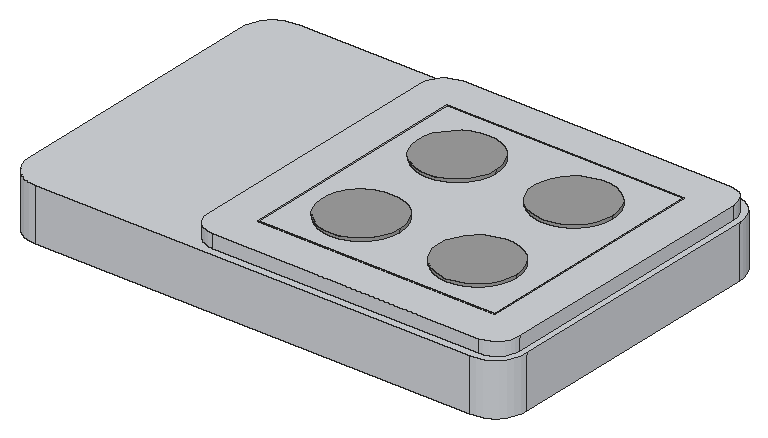
Revit family "Lighting-Industrial-GEWISS-SMART[4]HE_HIGHBAYS-LED_1M_DALI", category Apparecchi per illuminazione, Revit 2019
Family settings
  Quota connettore circolare = Usa diametro
  Tipo di parte = Normale
  Numero OmniClass = 23.80.00.00
  Titolo OmniClass = Electric Power and Lighting
  Basato su piano di lavoro = Sì
  Sempre verticale = No
  Taglio con vuoti quando caricato = No
  Sorgente d'illuminazione = No
  Condiviso = No
  Punto di calcolo locali = Sì
Parameters (values of type "GWS4123AQ857 - SMART4LB 1M C.PAS.DALI ELL.57K")
  Wiring = "With GW connect watertight connector"
  Weight (kg): = "3,5"
  Warranty = "5 years"
  Voltaggio = 230 V
  Vetro acceso = Lampada accesa
  Version file RFA = "20.11"
  Unique digital code (Datamatrix) = "Datamatrix"
  Unified Glare Rating = "-"
  URL = "https://www.gewiss.com/ww/en"
  Type of light source = "LED - Not replaceable"
  Tilt- = "With bracket accessory"
  Technical sheet = "https://www.gewiss.com/ww/en/search?q=GWS4123AQ857"
  System power = "48W"
  Supply voltage = "220 - 240 V"
  Stocking temperature = "-40 +70 °C"
  Standards and approvals = "-"
  Standard- = "EN 60598-1 ; EN 60598-2-1 ; EN 60598-2-24"
  Standard Deviation Colour Matching = "SDCM = 3"
  Spostamento_Y_etichetta [instance] = 0 mm
  Spostamento_Y_effettivo_etichetta [instance] = 1500 mm - Spostamento_Y_etichetta  # 1500 mm
  Spostamento_X_etichetta [instance] = 0 mm
  Spostamento_X_effettivo_etichetta [instance] = 1500 mm - Spostamento_X_etichetta  # 1500 mm
  Shock resistance = "IK08"
  Shield type = "Tempered glass Thickness 4mm"
  SEO = "Low bay"
  Realized by GEWISS S.p.A. = ""
  Rated frequency (Hz) = "50/60 Hz"
  Produttore = "GEWISS S.p.A."
  Photobiological Risk Class = "RG0"
  Overvoltage protection = "DM 6 kV / CM 10 kV"
  Optic and illuminating features = "-"
  Optic Maintenance = "Non-replaceable"
  Optic : = "Metallic PC reflector and PMMA lenses"
  Optic = "Elliptical"
  Operating temperature : = "-30°C ÷ +50 °C"
  Offset etichetta W [instance] = 120 mm
  Mouting and installation = "Ceiling - Wallmounting - Suspension"
  Modello = "GWS4123AQ857"
  Maximum surface exposed to the wind : = "0,097 m²"
  Materials = "-"
  Luminaire = "LED Industrial Reflector "
  Lumen output (lm) = "6300"
  Locking Hook = "-"
  Lifetime = "L90B10 (Tq+25°C) = 100.000 h - L90B10 (Tq+50°C) = 50.000 h"
  Lampada = "LED"
  LED Maintenance = "Non-replaceable"
  Insulation class = "I"
  Installationa and maintenance = "-"
  Immagine tipo = GWL1071.jpg
  IPEA = "-"
  IP degree = "IP66"
  IFC.TypeObject = ""
  IFC.ExportType = ""
  IFC.ExportAs = ""
  IDT = "9d21ab41a4404c819d8f88b838f402fb"
  IDF = "27a589e5-b0d0-4267-8400-54dfcb229af4"
  Glow Wire Test : = "850 °C"
  General information = "-"
  Gasket = "anti-aging silicone"
  Fixing = "-"
  External screw = "Stainless steel"
  Etichetta wattaggio [instance] = yes
  Default Elevation = 1219.2 mm
  Trasformatore = none
  Spessore plafoniera = 40 mm  # constant formula
  Proiettsmart [instance] = yes
  Raggio led = 30 mm  # constant formula
  Plafoniera = none
  Eletrical and lighting features = "-"
  Electrocod = "2444"
  Efficiency (lm/W) = "131"
  Driver Box = "Built-in"
  Driver = "Included"
  Device with reduced surface temperature = "Yes"
  Descrizione = "SMART[4]LB 1M C.PAS.DALI ELL.57K"
  DIN 18032-3 certification = "With Bracket - Rope Kit + terminal(in approval)"
  Control System : = "DALI"
  Control System = "1 x DALI DT6"
  Context = "Logistics and industrial manufacturing lighting"
  Commenti sul wattaggio = "50W"
  Colour temperature = "5700K"
  Colour : = "Grey RAL 7035"
  Colour = "Grey RAL 7035"
  Color Rendering Index = "CRI-80"
  Classificazione = Lighting
  Classification: = "-"
  Catalogue = "LIGHTING"
  Carico apparente = 50 VA
  Motore = none
  Lunghezza = 383 mm  # constant formula
  Larghezza = 253 mm  # constant formula
  Distanza tot_plafoniera = 74 mm  # constant formula
  Dettaglio bidimensionale attivo [instance] = not(Proiettsmart)  # no
  COBie.Tagnumber = ""
  COBie.CreatedOn = ""
  COBie.CreatebBy = ""
  COBie.ComponentRegisterItemID = ""
  COBie.Component.TagNumber = ""
  COBie.Component.Space = ""
  COBie.Component.SerialNumber = ""
  COBie.Component.InstallationDate = ""
  COBie.Component.Description = ""
  COBie.Component.BarCode = ""
  Body = "PA6 \"Halogen Free\" loaded fibreglass"
  Application = "Internal"
Types (36, lengths in mm): name | Unified Glare Rating | Technical sheet | SEO | Optic : | Optic | Modello | Lumen output (lm) | IDT | Efficiency (lm/W) | Descrizione | Colour temperature
  GWS4121AA830 - SMART4LB 1M ST.AL.DALI ARR.30K | "-" | "https://www.gewiss.com/ww/en/search?q=GWS4121AA830" | "" | "Metallized polycarbonate reflector" | "Array" | "GWS4121AA830" | "6700" | "6575a5e226274161888ed1a8da465f44" | "140" | "SMART[4]LB 1M ST.AL.DALI ARR.30K" | "3000K"
  GWS4121AA840 - SMART4LB 1M ST.AL.DALI ARR.40K | "-" | "https://www.gewiss.com/ww/en/search?q=GWS4121AA840" | "" | "Metallized polycarbonate reflector" | "Array" | "GWS4121AA840" | "7100" | "7e27655c4dc64b5ebdd023cf2f50b21a" | "148" | "SMART[4]LB 1M ST.AL.DALI ARR.40K" | "4000K"
  GWS4121AA857 - SMART4LB 1M ST.AL.DALI ARR.57K | "-" | "https://www.gewiss.com/ww/en/search?q=GWS4121AA857" | "" | "Metallized polycarbonate reflector" | "Array" | "GWS4121AA857" | "7100" | "9294685261564dcc9cdc927a9b5919f4" | "148" | "SMART[4]LB 1M ST.AL.DALI ARR.57K" | "5700K"
  GWS4121AC830 - SMART4LB 1M ST.AL.DALI ASI.30K | "-" | "https://www.gewiss.com/ww/en/search?q=GWS4121AC830" | "Low bay" | "Metallic PC reflector and PMMA lenses" | "Asymmetrical" | "GWS4121AC830" | "6000" | "5639a58d57ae401f893442a4c8d9d8d5" | "125" | "SMART[4]LB 1M ST.AL.DALI ASI.30K" | "3000K"
  GWS4121AC840 - SMART4LB 1M ST.AL.DALI ASI.40K | "-" | "https://www.gewiss.com/ww/en/search?q=GWS4121AC840" | "Low bay" | "Metallic PC reflector and PMMA lenses" | "Asymmetrical" | "GWS4121AC840" | "6300" | "cf54c576c14047f9b6888000e31c831b" | "131" | "SMART[4]LB 1M ST.AL.DALI ASI.40K" | "4000K"
  GWS4121AC857 - SMART4LB 1M ST.AL.DALI ASI.57K | "-" | "https://www.gewiss.com/ww/en/search?q=GWS4121AC857" | "Low bay" | "Metallic PC reflector and PMMA lenses" | "Asymmetrical" | "GWS4121AC857" | "6300" | "e0e8bbd179314f3d951dadfe40b33fbe" | "131" | "SMART[4]LB 1M ST.AL.DALI ASI.57K" | "5700K"
  GWS4121AF830 - SMART4LB 1M ST.AL.DALI 30° 30K | "UGR - 22" | "https://www.gewiss.com/ww/en/search?q=GWS4121AF830" | "" | "Metallic PC reflector and PMMA lenses" | "30°" | "GWS4121AF830" | "6600" | "222c483b34654f3aa34360c4fc99fd48" | "138" | "SMART[4]LB 1M ST.AL.DALI 30° 30K" | "3000K"
  GWS4121AF840 - SMART4LB 1M ST.AL.DALI 30° 40K | "UGR - 22" | "https://www.gewiss.com/ww/en/search?q=GWS4121AF840" | "" | "Metallic PC reflector and PMMA lenses" | "30°" | "GWS4121AF840" | "7000" | "57c5278e8ba54a65bcb4b08dca939587" | "146" | "SMART[4]LB 1M ST.AL.DALI 30° 40K" | "4000K"
  GWS4121AF857 - SMART4LB 1M ST.AL.DALI 30° 57K | "UGR - 22" | "https://www.gewiss.com/ww/en/search?q=GWS4121AF857" | "" | "Metallic PC reflector and PMMA lenses" | "30°" | "GWS4121AF857" | "7000" | "590fd7cee68a4f7eaebd5c043a54b16e" | "146" | "SMART[4]LB 1M ST.AL.DALI 30° 57K" | "5700K"
  GWS4121AH830 - SMART4LB 1M ST.AL.DALI 60° 30K | "UGR - 22" | "https://www.gewiss.com/ww/en/search?q=GWS4121AH830" | "" | "Metallic PC reflector and PMMA lenses" | "60°" | "GWS4121AH830" | "6700" | "7559b23f92e1443693dda005dddec8be" | "140" | "SMART[4]LB 1M ST.AL.DALI 60° 30K" | "3000K"
  GWS4121AH840 - SMART4LB 1M ST.AL.DALI 60° 40K | "UGR - 22" | "https://www.gewiss.com/ww/en/search?q=GWS4121AH840" | "" | "Metallic PC reflector and PMMA lenses" | "60°" | "GWS4121AH840" | "7000" | "114f519ed9254c44869b1d76ee396d78" | "146" | "SMART[4]LB 1M ST.AL.DALI 60° 40K" | "4000K"
  GWS4121AH857 - SMART4LB 1M ST.AL.DALI 60° 57K | "UGR - 22" | "https://www.gewiss.com/ww/en/search?q=GWS4121AH857" | "" | "Metallic PC reflector and PMMA lenses" | "60°" | "GWS4121AH857" | "7000" | "b2bb59479b284d7dba2b435026cba5f4" | "146" | "SMART[4]LB 1M ST.AL.DALI 60° 57K" | "5700K"
  GWS4121AP830 - SMART4LB 1M ST.AL.DALI 90° 30K | "UGR - 25" | "https://www.gewiss.com/ww/en/search?q=GWS4121AP830" | "" | "Metallic PC reflector and PMMA lenses" | "90°" | "GWS4121AP830" | "6800" | "3c4b503c0d304551a7d94e2546148cf7" | "142" | "SMART[4]LB 1M ST.AL.DALI 90° 30K" | "3000K"
  GWS4121AP840 - SMART4LB 1M ST.AL.DALI 90° 40K | "UGR - 25" | "https://www.gewiss.com/ww/en/search?q=GWS4121AP840" | "" | "Metallic PC reflector and PMMA lenses" | "90°" | "GWS4121AP840" | "7200" | "1131016a72414b50821f2010292967ae" | "150" | "SMART[4]LB 1M ST.AL.DALI 90° 40K" | "4000K"
  GWS4121AP857 - SMART4LB 1M ST.AL.DALI 90° 57K | "UGR - 25" | "https://www.gewiss.com/ww/en/search?q=GWS4121AP857" | "" | "Metallic PC reflector and PMMA lenses" | "90°" | "GWS4121AP857" | "7200" | "d29fc206d8fe467ca91ea074913df435" | "150" | "SMART[4]LB 1M ST.AL.DALI 90° 57K" | "5700K"
  GWS4121AQ830 - SMART4LB 1M ST.AL.DALI ELL.30K | "-" | "https://www.gewiss.com/ww/en/search?q=GWS4121AQ830" | "Low bay" | "Metallic PC reflector and PMMA lenses" | "Elliptical" | "GWS4121AQ830" | "6000" | "64e97dc79cf04332bbe1c0adddcfb71e" | "125" | "SMART[4]LB 1M ST.AL.DALI ELL.30K" | "3000K"
  GWS4121AQ840 - SMART4LB 1M ST.AL.DALI ELL.40K | "-" | "https://www.gewiss.com/ww/en/search?q=GWS4121AQ840" | "Low bay" | "Metallic PC reflector and PMMA lenses" | "Elliptical" | "GWS4121AQ840" | "6300" | "1e6c23f07a064a05a09a8bf78f78dc66" | "131" | "SMART[4]LB 1M ST.AL.DALI ELL.40K" | "4000K"
  GWS4121AQ857 - SMART4LB 1M ST.AL.DALI ELL.57K | "-" | "https://www.gewiss.com/ww/en/search?q=GWS4121AQ857" | "Low bay" | "Metallic PC reflector and PMMA lenses" | "Elliptical" | "GWS4121AQ857" | "6300" | "3e8a1355256049cb8f869d7d8f3738ee" | "131" | "SMART[4]LB 1M ST.AL.DALI ELL.57K" | "5700K"
  GWS4123AA830 - SMART4LB 1M C.PAS.DALI ARR.30K | "-" | "https://www.gewiss.com/ww/en/search?q=GWS4123AA830" | "" | "Metallized polycarbonate reflector" | "Array" | "GWS4123AA830" | "6700" | "423a1bd639574fa98705e193c6ba380c" | "140" | "SMART[4]LB 1M C.PAS.DALI ARR.30K" | "3000K"
  GWS4123AA840 - SMART4LB 1M C.PAS.DALI ARR.40K | "-" | "https://www.gewiss.com/ww/en/search?q=GWS4123AA840" | "" | "Metallized polycarbonate reflector" | "Array" | "GWS4123AA840" | "7100" | "67817799260c45bea176543f1069abf0" | "148" | "SMART[4]LB 1M C.PAS.DALI ARR.40K" | "4000K"
  GWS4123AA857 - SMART4LB 1M C.PAS.DALI ARR.57K | "-" | "https://www.gewiss.com/ww/en/search?q=GWS4123AA857" | "" | "Metallized polycarbonate reflector" | "Array" | "GWS4123AA857" | "7100" | "ead64454304c4256b51e884ded535590" | "148" | "SMART[4]LB 1M C.PAS.DALI ARR.57K" | "5700K"
  GWS4123AC830 - SMART4LB 1M C.PAS.DALI ASI.30K | "-" | "https://www.gewiss.com/ww/en/search?q=GWS4123AC830" | "Low bay" | "Metallic PC reflector and PMMA lenses" | "Asymmetrical" | "GWS4123AC830" | "6000" | "a5928898b63b485990cee71d2d050c13" | "125" | "SMART[4]LB 1M C.PAS.DALI ASI.30K" | "3000K"
  GWS4123AC840 - SMART4LB 1M C.PAS.DALI ASI.40K | "-" | "https://www.gewiss.com/ww/en/search?q=GWS4123AC840" | "Low bay" | "Metallic PC reflector and PMMA lenses" | "Asymmetrical" | "GWS4123AC840" | "6300" | "478b02b8d6d54683b8f480457f1759eb" | "131" | "SMART[4]LB 1M C.PAS.DALI ASI.40K" | "4000K"
  GWS4123AC857 - SMART4LB 1M C.PAS.DALI ASI.57K | "-" | "https://www.gewiss.com/ww/en/search?q=GWS4123AC857" | "Low bay" | "Metallic PC reflector and PMMA lenses" | "Asymmetrical" | "GWS4123AC857" | "6300" | "8a72133b518347c08abc40dae101a55c" | "131" | "SMART[4]LB 1M C.PAS.DALI ASI.57K" | "5700K"
  GWS4123AF830 - SMART4LB 1M C.PAS.DALI 30° 30K | "UGR - 22" | "https://www.gewiss.com/ww/en/search?q=GWS4123AF830" | "" | "Metallic PC reflector and PMMA lenses" | "30°" | "GWS4123AF830" | "6600" | "570e8caee9c7422c94439ec4f690d745" | "138" | "SMART[4]LB 1M C.PAS.DALI 30° 30K" | "3000K"
  GWS4123AF840 - SMART4LB 1M C.PAS.DALI 30° 40K | "UGR - 22" | "https://www.gewiss.com/ww/en/search?q=GWS4123AF840" | "" | "Metallic PC reflector and PMMA lenses" | "30°" | "GWS4123AF840" | "7000" | "26895518f0f0431fa5c2be53f5f2ebf3" | "146" | "SMART[4]LB 1M C.PAS.DALI 30° 40K" | "4000K"
  GWS4123AF857 - SMART4LB 1M C.PAS.DALI 30° 57K | "UGR - 22" | "https://www.gewiss.com/ww/en/search?q=GWS4123AF857" | "" | "Metallic PC reflector and PMMA lenses" | "30°" | "GWS4123AF857" | "7000" | "6af70692b8df4fb1814c615192c6ddb4" | "146" | "SMART[4]LB 1M C.PAS.DALI 30° 57K" | "5700K"
  GWS4123AH830 - SMART4LB 1M C.PAS.DALI 60° 30K | "UGR - 22" | "https://www.gewiss.com/ww/en/search?q=GWS4123AH830" | "" | "Metallic PC reflector and PMMA lenses" | "60°" | "GWS4123AH830" | "6700" | "b1f4ba53b22c4701a5cd1a40345f7087" | "140" | "SMART[4]LB 1M C.PAS.DALI 60° 30K" | "3000K"
  GWS4123AH840 - SMART4LB 1M C.PAS.DALI 60° 40K | "UGR - 22" | "https://www.gewiss.com/ww/en/search?q=GWS4123AH840" | "" | "Metallic PC reflector and PMMA lenses" | "60°" | "GWS4123AH840" | "7000" | "7743050c348d4df2a060af9cdba1168f" | "146" | "SMART[4]LB 1M C.PAS.DALI 60° 40K" | "4000K"
  GWS4123AH857 - SMART4LB 1M C.PAS.DALI 60° 57K | "UGR - 22" | "https://www.gewiss.com/ww/en/search?q=GWS4123AH857" | "" | "Metallic PC reflector and PMMA lenses" | "60°" | "GWS4123AH857" | "7000" | "491433178b634c77bd19eb374e1af8b1" | "146" | "SMART[4]LB 1M C.PAS.DALI 60° 57K" | "5700K"
  GWS4123AP830 - SMART4LB 1M C.PAS.DALI 90° 30K | "UGR - 25" | "https://www.gewiss.com/ww/en/search?q=GWS4123AP830" | "" | "Metallic PC reflector and PMMA lenses" | "90°" | "GWS4123AP830" | "6800" | "2332b3f4ef524060b2b5212ff4d98975" | "142" | "SMART[4]LB 1M C.PAS.DALI 90° 30K" | "3000K"
  GWS4123AP840 - SMART4LB 1M C.PAS.DALI 90° 40K | "UGR - 25" | "https://www.gewiss.com/ww/en/search?q=GWS4123AP840" | "" | "Metallic PC reflector and PMMA lenses" | "90°" | "GWS4123AP840" | "7200" | "6287811143d3479186fa79eb33668f68" | "150" | "SMART[4]LB 1M C.PAS.DALI 90° 40K" | "4000K"
  GWS4123AP857 - SMART4LB 1M C.PAS.DALI 90° 57K | "UGR - 25" | "https://www.gewiss.com/ww/en/search?q=GWS4123AP857" | "" | "Metallic PC reflector and PMMA lenses" | "90°" | "GWS4123AP857" | "7200" | "b0a0baf5fefc4d7d8aa6e24f787e5c83" | "150" | "SMART[4]LB 1M C.PAS.DALI 90° 57K" | "5700K"
  GWS4123AQ830 - SMART4LB 1M C.PAS.DALI ELL.30K | "-" | "https://www.gewiss.com/ww/en/search?q=GWS4123AQ830" | "Low bay" | "Metallic PC reflector and PMMA lenses" | "Elliptical" | "GWS4123AQ830" | "6000" | "8905c6b3fa9b425a8a614ec06c5b3338" | "125" | "SMART[4]LB 1M C.PAS.DALI ELL.30K" | "3000K"
  GWS4123AQ840 - SMART4LB 1M C.PAS.DALI ELL.40K | "-" | "https://www.gewiss.com/ww/en/search?q=GWS4123AQ840" | "Low bay" | "Metallic PC reflector and PMMA lenses" | "Elliptical" | "GWS4123AQ840" | "6300" | "ed34381b28934199b59763328d7240f3" | "131" | "SMART[4]LB 1M C.PAS.DALI ELL.40K" | "4000K"
  GWS4123AQ857 - SMART4LB 1M C.PAS.DALI ELL.57K | "-" | "https://www.gewiss.com/ww/en/search?q=GWS4123AQ857" | "Low bay" | "Metallic PC reflector and PMMA lenses" | "Elliptical" | "GWS4123AQ857" | "6300" | "9d21ab41a4404c819d8f88b838f402fb" | "131" | "SMART[4]LB 1M C.PAS.DALI ELL.57K" | "5700K"
Reference planes
  plane 1 "Centro (Fronte/Retro)": y = 0
  plane 2: z = 0
  plane 3 "Centro (Sinistra/Destra)": x = 0
  plane 4: x = -191.5
  plane 5: y = 126.5
  plane 6: x = 191.5
  plane 7: y = -126.5
  plane 8: z = -74
  plane 9: x = -175.5
  plane 10: y = -110.5
  plane 11: y = 110.5
  plane 12: x = -60.5
  plane 13: y = 121.5
  plane 14: x = 186.5
  plane 15: y = -120
  plane 16: z = 74
  plane 17: z = 84
  plane 18: z = 86
  plane 19: x = -1500
  plane 20: y = -1500
  plane 21: x = 0
  plane 22: y = 0
Dimensions and locks
  equal spacing: plane 5, plane 1 "Centro (Fronte/Retro)", plane 7
  equal spacing: plane 4, plane 3 "Centro (Sinistra/Destra)", plane 6
  "Lunghezza": plane 4 to plane 6
  "Larghezza": plane 5 to plane 7
  locked: plane 14 to plane 6 at 5
  locked: plane 5 to plane 13 at 5
  nested 3 to plane 8 = 133.058 mm
  locked: plane 4 to plane 9 at 16
  "Offset etichetta W": plane 1 "Centro (Fronte/Retro)" to plane 15
  "Distanza tot_plafoniera": plane 16 to level
  locked: plane 18 to plane 17 at 2
  plane 19 to plane 3 "Centro (Sinistra/Destra)" = 1500 mm
  plane 1 "Centro (Fronte/Retro)" to plane 20 = 1500 mm
  "Spostamento_Y_effettivo_etichetta": plane 22 to plane 20
  "Spostamento_X_effettivo_etichetta": plane 19 to plane 21
  aligned and locked: level to plane 2
  aligned and locked: plane 4 to nested 1
  aligned and locked: plane 6 to nested 1
  aligned and locked: plane 5 to nested 1
  aligned and locked: plane 7 to nested 1
  aligned and locked: plane 14 to nested 2
  aligned and locked: plane 1 "Centro (Fronte/Retro)" to nested 10
  aligned and locked: nested 3 to plane 2
  aligned and locked: plane 16 to nested 1
  aligned and locked: plane 1 "Centro (Fronte/Retro)" to nested 8
  aligned and locked: plane 1 "Centro (Fronte/Retro)" to nested 1
  aligned and locked: plane 1 "Centro (Fronte/Retro)" to nested 2
  aligned and locked: nested 2 to plane 16
  aligned and locked: nested 4 to plane 18
  aligned and locked: plane 18 to nested 6
  aligned and locked: nested 7 to plane 18
  aligned and locked: plane 18 to nested 5
  aligned and locked: nested 9 to plane 22
  aligned and locked: plane 21 to nested 9
Nested families
  nested 1: "Struttura_SMART[4] LB - 2+2 L" at (0, 0, 74), type "SMART Lab (4) 4L"
  nested 2: "mascherina_SMART (4)" at (66.5, 0, 84), type "Maschera_smart (4) 4L", detail levels medium+fine
  nested 3: "Staffa SMART LAB 4" at (65, -20, 59.058) x (0, 1, 0) z (0, 0, -1), type "Staffa SMART LAB 4", detail levels medium+fine
  nested 4: "Gewis - Led" at (20.25, 44.75, 86), type "Gewis - Led", detail levels fine
  nested 5: "Gewis - Led" at (109.75, 44.75, 86) x (-1, 0, 0) z (0, 0, 1), type "Gewis - Led", detail levels fine
  nested 6: "Gewis - Led" at (20.25, -47.75, 86), type "Gewis - Led", detail levels fine
  nested 7: "Gewis - Led" at (109.75, -47.75, 86) x (-1, 0, 0) z (0, 0, 1), type "Gewis - Led", detail levels fine
  nested 8: "Rappr_bidimensionale_SMART[4] LB 4L" at (40, 0, 0), visible <- "Dettaglio bidimensionale attivo", type "SMART[4] LB 4L_bidimensionalerfa"
  nested 9: "ETICHETTA LIGHT" at (0, 0, 0), visible <- "Etichetta wattaggio", type "ETICHETTA LIGHT"
  nested 10: "PROIETTSMART " at (-32.162, 0, 0), visible <- "Proiettsmart", type "PROIETTSMART "
Connectors
  electrical at (0.009, -0.098, 34), driven by "Classificazione", driven by "Carico apparente"
    settings: on nested 1, index 1, voltage 230 V, apparent load 0 VA, apparent load phase1 50 VA, apparent load phase2 0 VA, apparent load phase3 0 VA, power factor 1, load classification "Lighting", number of poles 2, system type 31, power factor state 1, is connector primary yes, connector utility no, sub classification motor no, connector description ""
Definition of nested family "Struttura_SMART[4] LB - 2+2 L"
  Parameters (values of type "SMART Lab (4) 4L")
    Struttura plafoniera = none
    Spessore_plafoniera = 40 mm
    Lunghezza = 383 mm
    Larghezza = 253 mm
  Reference planes
    plane 1 "Asse sorgente illuminazione (F/B)": y = 0
    plane 2: z = 0
    plane 3 "Asse sorgente illuminazione (L/R)": x = 0
    plane 4 "Prospetto sorgente di illuminazione": z = -40
    plane 5 "SX": x = -191.5
    plane 6 "DX": x = 191.5
    plane 7 "DIETRO": y = 126.5
    plane 8 "AVANTI": y = -126.5
    plane 9: x = -51.5
    plane 10: x = 180.5
    plane 11: y = -115.5
    plane 12: y = 115.5
    plane 13: x = -180.5
    plane 14: x = 51.5
  Forms (mm)
    Extrusion 1, solid, material <- "Struttura plafoniera"
      sketch origin (0, 0, 0) x (1, 0, 0) y (0, 1, 0)
        loop
          line (191.5, -102.095) -> (191.5, 102.09)
          arc (191.5, 102.09) -> (184.35, 119.35) -> (167.09, 126.5) r 24.41
          line (167.09, 126.5) -> (-167.009, 126.5)
          arc (-167.009, 126.5) -> (-184.554, 119.1) -> (-191.5, 101.371) r 24.499
          line (-191.5, 101.371) -> (-191.5, -102.092)
          arc (-191.5, -102.092) -> (-184.351, -119.351) -> (-167.092, -126.5) r 24.408
          line (-167.092, -126.5) -> (167.117, -126.5)
          arc (167.117, -126.5) -> (184.334, -119.368) -> (191.465, -102.152) r 24.348
      from -40 to 0
  Dimensions and locks
    equal spacing: plane 5 "SX", plane 3 "Asse sorgente illuminazione (L/R)", plane 6 "DX"
    equal spacing: plane 7 "DIETRO", plane 1 "Asse sorgente illuminazione (F/B)", plane 8 "AVANTI"
    "Lunghezza": plane 5 "SX" to plane 6 "DX"
    "Larghezza": plane 7 "DIETRO" to plane 8 "AVANTI"
    locked: plane 7 "DIETRO" to plane 12 at 11
    locked: plane 11 to plane 8 "AVANTI" at 11
    locked: plane 10 to plane 6 "DX" at 11
    locked: plane 9 to plane 10 at 232
    plane 13 to plane 14 = 232 mm
    locked: plane 5 "SX" to plane 13 at 11
    "Spessore_plafoniera": plane 2 to plane 4 "Prospetto sorgente di illuminazione"
    aligned and locked: level to plane 2
    aligned and locked: Extrusion 1 to plane 5 "SX"
    aligned and locked: Extrusion 1 to plane 8 "AVANTI"  (x2)
    aligned and locked: plane 7 "DIETRO" to Extrusion 1
    aligned and locked: plane 6 "DX" to Extrusion 1
    aligned and locked: plane 4 "Prospetto sorgente di illuminazione" to Extrusion 1
    aligned and locked: plane 2 to Extrusion 1
  Automatic sketch dimensions
    Extrusion 1 sketch curve to plane 5 "SX" = 0 mm
    Extrusion 1 sketch curve to plane 8 "AVANTI" = 0 mm
    Extrusion 1 sketch curve to plane 7 "DIETRO" = 0 mm
    Extrusion 1 sketch curve to plane 6 "DX" = 0 mm
    plane 13 to Extrusion 1 sketch curve = 13.408 mm
    plane 13 to Extrusion 1 sketch curve = 13.491 mm
    Extrusion 1 sketch curve to plane 10 = 13.41 mm
    Extrusion 1 sketch curve to plane 10 = 13.383 mm
    plane 11 to Extrusion 1 sketch curve = 13.348 mm
    Extrusion 1 sketch curve to plane 12 = 14.129 mm
    Extrusion 1 sketch curve to Extrusion 1 sketch curve = 0.056 mm
Definition of nested family "mascherina_SMART (4)"
  Parameters (values of type "Maschera_smart (4) 4L")
    Spessore_mascherina = 10 mm
    Default Elevation = 1219.2 mm
    N.intarsi = (Lunghezza_mascherina - (Bordo * 2)) / 15 mm  # 12
    N._intarsi verticale = (Larghezza_mascherina - (Bordo * 2)) / 17 mm  # 11
    Mascherina = none
    Lunghezza_mascherina = 240 mm
    Larghezza_mascherina = 240 mm
    Distanza_intarsi v. = 41 mm  # constant formula
    Distanza_intarsi = 37 mm  # constant formula
    Bordo = 29 mm
  Reference planes
    plane 1 "Centro (Fronte/Retro)": y = 0
    plane 2: z = 0
    plane 3 "Centro (Sinistra/Destra)": x = 0
    plane 4: x = -120
    plane 5 "Dietro": y = 120
    plane 6: x = 120
    plane 7: y = -120
    plane 8: x = -91
    plane 9: y = -91
    plane 10: x = 91
    plane 11: y = 91
    plane 12: x = -83
    plane 13: y = 94.742
    plane 14: y = -95
    plane 15: z = -10
    plane 16: x = -95
    plane 17: y = 79
    plane 18: y = -79
    plane 19: x = 95
    plane 20: z = -4.799
  Forms (mm)
    Extrusion 1, solid, material <- "Mascherina"
      sketch origin (0, 0, 0) x (1, 0, 0) y (0, 1, 0)
        loop
          arc (-102.5, 120) -> (-114.874, 114.874) -> (-120, 102.5) r 17.5
          line (-120, 102.5) -> (-120, -102.5)
          arc (-120, -102.5) -> (-114.874, -114.874) -> (-102.5, -120) r 17.5
          line (-102.5, -120) -> (102.5, -120)
          arc (102.5, -120) -> (114.874, -114.874) -> (120, -102.5) r 17.5
          line (120, -102.5) -> (120, 102.5)
          arc (120, 102.5) -> (114.874, 114.874) -> (102.5, 120) r 17.5
          line (102.5, 120) -> (-102.5, 120)
        loop
          line (-91, 91) -> (-91, -91) -> (91, -91) -> (91, 91) -> (-91, 91)
      from -10 to 0
    Extrusion 2, solid, material <- "Mascherina"
      sketch origin (0, 0, 0) x (1, 0, 0) y (0, 1, 0)
        loop
          line (-91, 91) -> (-91, -91) -> (91, -91) -> (91, 91) -> (-91, 91)
      from -4.799 to 0
  Dimensions and locks
    equal spacing: plane 4, plane 3 "Centro (Sinistra/Destra)", plane 6
    "Lunghezza_mascherina": plane 4 to plane 6
    equal spacing: plane 5 "Dietro", plane 1 "Centro (Fronte/Retro)", plane 7
    "Larghezza_mascherina": plane 5 "Dietro" to plane 7
    "Bordo": plane 4 to plane 8
    "Bordo": plane 9 to plane 7
    "Bordo": plane 5 "Dietro" to plane 11
    "Bordo": plane 10 to plane 6
    "Distanza_intarsi": plane 4 to plane 12
    locked: plane 13 to plane 11 at 3.742
    "Spessore_mascherina": plane 2 to plane 15
    "Distanza_intarsi v.": plane 5 "Dietro" to plane 17
    "Distanza_intarsi v.": plane 18 to plane 7
    locked: plane 9 to plane 14 at 4
    locked: plane 16 to plane 8 at 4
    locked: plane 10 to plane 19 at 4
    locked: plane 2 to plane 20 at 4.799
    radius of Extrusion 1 sketch curve = 17.5 mm  (x4)
    aligned and locked: level to plane 2
    aligned and locked: plane 4 to Extrusion 1 sketch curve
    aligned and locked: plane 6 to Extrusion 1 sketch curve
    aligned and locked: Extrusion 1 sketch curve to plane 5 "Dietro"
    aligned and locked: Extrusion 1 sketch curve to plane 7
    aligned and locked: Extrusion 1 sketch curve to plane 11
    aligned and locked: plane 8 to Extrusion 1 sketch curve
    aligned and locked: plane 9 to Extrusion 1 sketch curve
    aligned and locked: Extrusion 1 sketch curve to plane 10
    aligned and locked: plane 2 to Extrusion 1
    aligned and locked: Extrusion 1 to plane 15
    aligned and locked: Extrusion 2 sketch curve to plane 10
    aligned and locked: plane 9 to Extrusion 2 sketch curve
    aligned and locked: plane 8 to Extrusion 2 sketch curve
    aligned and locked: Extrusion 2 sketch curve to plane 11
    aligned and locked: plane 2 to Extrusion 2
    aligned and locked: Extrusion 2 to plane 20
Definition of nested family "Staffa SMART LAB 4"
  Parameters (values of type "Staffa SMART LAB 4")
    Staffa = none
    Default Elevation = 1219.2 mm
  Reference planes
    plane 1 "Centro (Fronte/Retro)": y = 0
    plane 2: z = 0
    plane 3 "Centro (Sinistra/Destra)": x = 0
    plane 4: y = 25
    plane 5: y = -25
    plane 6: x = -480
    plane 7: x = 480
    plane 8: z = 340
  Forms (mm)
    Extrusion 1, solid, material <- "Staffa"
      sketch origin (-19.427, 0, 0) x (1, 0, 0) y (0, 0, 1)
        loop
          line (-52.112, 0) -> (-51.312, 0) -> (-51.312, 5.038) -> (-51.312, 7.679) -> (-48.064, 11.553) -> (-48.309, 20.832)
          arc (-48.309, 20.832) -> (-48.108, 21.384) -> (-47.585, 21.651) r 0.801
          line (-47.585, 21.651) -> (-46.541, 21.744)
          arc (-46.541, 21.744) -> (-45.388, 22.346) -> (-44.998, 23.587) r 1.701
          line (-44.998, 23.587) -> (-45.225, 26.168) -> (-47.881, 28.39) -> (-47.881, 32.971) -> (-23.475, 58.058) -> (62.329, 58.058) -> (86.735, 32.971) -> (86.735, 28.39) -> (84.08, 26.168) -> (83.852, 23.587)
          arc (83.852, 23.587) -> (84.243, 22.346) -> (85.396, 21.744) r 1.701
          line (85.396, 21.744) -> (86.439, 21.651)
          arc (86.439, 21.651) -> (86.963, 21.384) -> (87.163, 20.832) r 0.801
          line (87.163, 20.832) -> (86.919, 11.553) -> (90.167, 7.679) -> (90.167, 5.038) -> (90.167, 0) -> (90.967, 0) -> (90.967, 5.038) -> (90.967, 7.979) -> (87.921, 11.618) -> (88.163, 20.806)
          arc (88.163, 20.806) -> (87.71, 22.048) -> (86.531, 22.647) r 1.801
          line (86.531, 22.647) -> (85.484, 22.74)
          arc (85.484, 22.74) -> (85.009, 22.988) -> (84.849, 23.499) r 0.701
          line (84.849, 23.499) -> (85.039, 25.667) -> (87.735, 27.923) -> (87.735, 32.876) -> (86.947, 34.187) -> (62.751, 59.058) -> (-23.897, 59.058) -> (-48.093, 34.187) -> (-48.881, 32.876) -> (-48.881, 27.923) -> (-46.185, 25.667) -> (-45.994, 23.499)
          arc (-45.994, 23.499) -> (-46.155, 22.988) -> (-46.63, 22.74) r 0.701
          line (-46.63, 22.74) -> (-47.676, 22.647)
          arc (-47.676, 22.647) -> (-48.856, 22.048) -> (-49.308, 20.806) r 1.801
          line (-49.308, 20.806) -> (-49.066, 11.618) -> (-52.112, 7.979) -> (-52.112, 5.038) -> (-52.112, 0)
      from -25 to 25
  Dimensions and locks
    equal spacing: plane 6, plane 3 "Centro (Sinistra/Destra)", plane 7
    equal spacing: plane 4, plane 1 "Centro (Fronte/Retro)", plane 5
    plane 4 to plane 5 = 50 mm
    plane 6 to plane 7 = 960 mm
    aligned and locked: level to plane 2
    aligned and locked: plane 4 to Extrusion 1
    aligned and locked: Extrusion 1 to plane 5
  Automatic sketch dimensions
    Extrusion 1 sketch curve to Extrusion 1 sketch curve = 0 mm  (x10)
    Extrusion 1 sketch curve to level = 0 mm  (x2)
    level to Extrusion 1 sketch curve = 5.038 mm
    Extrusion 1 sketch curve to plane 3 "Centro (Sinistra/Destra)" = 71.54 mm
    Extrusion 1 sketch curve to Extrusion 1 sketch curve = 0.8 mm  (x2)
    level to Extrusion 1 sketch curve = 20.806 mm  (x2)
    Extrusion 1 sketch curve to Extrusion 1 sketch curve = 2.804 mm
    level to Extrusion 1 sketch curve = 11.618 mm  (x2)
    Extrusion 1 sketch curve to Extrusion 1 sketch curve = 2.246 mm  (x2)
    Extrusion 1 sketch curve to Extrusion 1 sketch curve = 0.428 mm
    level to Extrusion 1 sketch curve = 20.832 mm  (x2)
    Extrusion 1 sketch curve to Extrusion 1 sketch curve = 1 mm  (x4)
    Extrusion 1 sketch curve to Extrusion 1 sketch curve = 0.788 mm
    level to Extrusion 1 sketch curve = 11.553 mm  (x2)
    Extrusion 1 sketch curve to Extrusion 1 sketch curve = 1.002 mm  (x2)
    level to Extrusion 1 sketch curve = 22.647 mm  (x2)
    Extrusion 1 sketch curve to Extrusion 1 sketch curve = 0.632 mm
    level to Extrusion 1 sketch curve = 21.651 mm  (x2)
    Extrusion 1 sketch curve to Extrusion 1 sketch curve = 0.092 mm  (x2)
    Extrusion 1 sketch curve to Extrusion 1 sketch curve = 0.984 mm
    level to Extrusion 1 sketch curve = 22.74 mm  (x2)
    Extrusion 1 sketch curve to Extrusion 1 sketch curve = 0.062 mm
    level to Extrusion 1 sketch curve = 21.744 mm  (x2)
    Extrusion 1 sketch curve to Extrusion 1 sketch curve = 0.088 mm
    Extrusion 1 sketch curve to Extrusion 1 sketch curve = 0.507 mm
    level to Extrusion 1 sketch curve = 23.499 mm  (x2)
    Extrusion 1 sketch curve to Extrusion 1 sketch curve = 0.698 mm  (x2)
    Extrusion 1 sketch curve to Extrusion 1 sketch curve = 0.96 mm  (x2)
    level to Extrusion 1 sketch curve = 23.587 mm  (x2)
    Extrusion 1 sketch curve to plane 3 "Centro (Sinistra/Destra)" = 43.324 mm
    Extrusion 1 sketch curve to Extrusion 1 sketch curve = 0.422 mm  (x2)
    plane 3 "Centro (Sinistra/Destra)" to Extrusion 1 sketch curve = 42.902 mm
    Extrusion 1 sketch curve to Extrusion 1 sketch curve = 21.523 mm
    level to Extrusion 1 sketch curve = 26.168 mm
    Extrusion 1 sketch curve to Extrusion 1 sketch curve = 0.227 mm
    Extrusion 1 sketch curve to Extrusion 1 sketch curve = 0.996 mm
    level to Extrusion 1 sketch curve = 25.667 mm
    Extrusion 1 sketch curve to Extrusion 1 sketch curve = 0.548 mm
    Extrusion 1 sketch curve to Extrusion 1 sketch curve = 0.966 mm
    Extrusion 1 sketch curve to Extrusion 1 sketch curve = 0.077 mm
    level to Extrusion 1 sketch curve = 28.39 mm
    Extrusion 1 sketch curve to Extrusion 1 sketch curve = 1.696 mm
    Extrusion 1 sketch curve to Extrusion 1 sketch curve = 0.557 mm
    level to Extrusion 1 sketch curve = 34.187 mm
    Extrusion 1 sketch curve to Extrusion 1 sketch curve = 0.212 mm
    Extrusion 1 sketch curve to Extrusion 1 sketch curve = 0.801 mm
    level to Extrusion 1 sketch curve = 7.679 mm
    Extrusion 1 sketch curve to Extrusion 1 sketch curve = 2.641 mm  (x2)
    Extrusion 1 sketch curve to Extrusion 1 sketch curve = 0.3 mm  (x2)
    Extrusion 1 sketch curve to Extrusion 1 sketch curve = 2.168 mm
    Extrusion 1 sketch curve to Extrusion 1 sketch curve = 0.501 mm
    Extrusion 1 sketch curve to Extrusion 1 sketch curve = 0.467 mm  (x2)
    Extrusion 1 sketch curve to Extrusion 1 sketch curve = 2.256 mm
    Extrusion 1 sketch curve to Extrusion 1 sketch curve = 4.486 mm
    Extrusion 1 sketch curve to Extrusion 1 sketch curve = 1.311 mm
    Extrusion 1 sketch curve to Extrusion 1 sketch curve = 0.095 mm  (x2)
    Extrusion 1 sketch curve to Extrusion 1 sketch curve = 1.216 mm
    Extrusion 1 sketch curve to Extrusion 1 sketch curve = 23.87 mm
Definition of nested family "Gewis - Led"
  Parameters (values of type "Gewis - Led")
    Vetro = none
    Raggio led = 30 mm
    Default Elevation = 1219.2 mm
    Estensione vetro = 3 mm
  Reference planes
    plane 1 "Centro (Fronte/Retro)": y = 0
    plane 2: z = 0
    plane 3 "Centro (Sinistra/Destra)": x = 0
  Forms (mm)
    Extrusion 1, solid, material <- "Vetro"
      sketch origin (0, 0, 0) x (1, 0, 0) y (0, 1, 0)
        loop
          circle (0, 0) r 30
      from -3 to 0
  Dimensions and locks
    "Estensione vetro": level to Extrusion 1
    "Raggio led": radius of Extrusion 1 sketch curve
    aligned and locked: level to plane 2
    aligned and locked: level to Extrusion 1
  Automatic sketch dimensions
    plane 1 "Centro (Fronte/Retro)" to Extrusion 1 sketch curve = 0 mm
    Extrusion 1 sketch curve to plane 3 "Centro (Sinistra/Destra)" = 0 mm
Definition of nested family "Rappr_bidimensionale_SMART[4] LB 4L"
  Reference planes
    plane 1 "Centro (Fronte/Retro)": y = 0
    plane 2: z = 0
    plane 3 "Centro (Sinistra/Destra)": x = 0
  Lines and regions (mm)
    model lines, in view "Livello rif."
      curve 1: circle (-20.568, 47.057, 0) r 28.619 normal (0, 0, 1)
      curve 2: circle (73.432, -46.943, 0) r 28.619 normal (0, 0, 1)
      curve 3: circle (-20.568, -46.943, 0) r 28.619 normal (0, 0, 1)
      curve 4: circle (73.432, 47.057, 0) r 28.619 normal (0, 0, 1)
      curve 5: arc (-93.068, -104.009, 0) -> (-88.529, -114.969, 0) -> (-77.568, -119.509, 0) r 15.5
      curve 6: arc (145.932, 103.991, 0) -> (141.392, 114.952, 0) -> (130.432, 119.491, 0) r 15.5
      curve 7: arc (-77.568, 119.491, 0) -> (-88.529, 114.952, 0) -> (-93.068, 103.991, 0) r 15.5
      curve 8: arc (130.432, -119.509, 0) -> (141.392, -114.969, 0) -> (145.932, -104.009, 0) r 15.5
      curve 9: arc (152.721, 103.991, 0) -> (146.196, 119.749, 0) -> (130.441, 126.281, 0) r 22.29
      curve 10: arc (130.443, -126.298, 0) -> (146.197, -119.766, 0) -> (152.721, -104.009, 0) r 22.29
      curve 11: arc (-230.358, -108, 0) -> (-225, -120.942, 0) -> (-212.058, -126.298, 0) r 18.29
      curve 12: arc (-212.077, 126.281, 0) -> (-225.001, 120.924, 0) -> (-230.358, 108, 0) r 18.29
      curve 13: line (-66.068, -92.509, 0) -> (-66.068, 92.491, 0)
      curve 14: line (-66.068, 92.491, 0) -> (118.932, 92.491, 0)
      curve 15: line (118.932, 92.491, 0) -> (118.932, -92.509, 0)
      curve 16: line (118.932, -92.509, 0) -> (-66.068, -92.509, 0)
      curve 17: line (-77.568, -119.509, 0) -> (130.432, -119.509, 0)
      curve 18: line (-77.568, 119.491, 0) -> (130.432, 119.491, 0)
      curve 19: line (-93.068, 103.991, 0) -> (-93.068, -104.009, 0)
      curve 20: line (145.932, 103.991, 0) -> (145.932, -104.009, 0)
      curve 21: line (-212.077, 126.281, 0) -> (130.441, 126.281, 0)
      curve 22: line (152.721, 103.991, 0) -> (152.721, -104.009, 0)
      curve 23: line (130.443, -126.298, 0) -> (-212.058, -126.298, 0)
      curve 24: line (-230.358, -108, 0) -> (-230.358, 108, 0)
Definition of nested family "ETICHETTA LIGHT"
  Parameters (values of type "ETICHETTA LIGHT")
    COMMENTI = "53W"
  Reference planes
    plane 1: y = 0
    plane 2: x = 0
  Text (mm)
    label "COMMENTI" at (-0.057, 0.105, 0), shows "COMMENTI"
Definition of nested family "PROIETTSMART "
  Reference planes
    plane 1 "Centro (Fronte/Retro)": y = 0
    plane 2: z = 0
    plane 3 "Centro (Sinistra/Destra)": x = 0
  Lines and regions (mm)
    model lines, in view "Livello rif."
      curve 1: line (120.593, -21.515, 0) -> (77.393, -0.008, 0)
      curve 2: line (77.393, -0.008, 0) -> (120.593, 21.758, 0)
      curve 3: line (120.593, 21.758, 0) -> (120.593, -21.515, 0)
      curve 4: line (77.393, 21.629, 0) -> (77.393, -21.645, 0)
      curve 5: line (77.393, -0.008, 0) -> (52.133, -0.008, 0)
      curve 6: line (120.593, 0.122, 0) -> (139.246, 0.122, 0)
      curve 7: line (162.162, 66.747, 0) -> (162.162, -66.747, 0)
      curve 8: line (162.162, -66.747, 0) -> (-97.838, -66.747, 0)
      curve 9: line (-97.838, -66.747, 0) -> (-97.838, 66.747, 0)
      curve 10: line (-97.838, 66.747, 0) -> (162.162, 66.747, 0)
      curve 11: line (45.772, 49.667, 0) -> (145.121, 49.667, 0)
      curve 12: line (145.121, 49.667, 0) -> (145.121, -49.683, 0)
      curve 13: line (145.121, -49.683, 0) -> (45.772, -49.683, 0)
      curve 14: line (45.772, -49.683, 0) -> (45.772, 49.667, 0)
